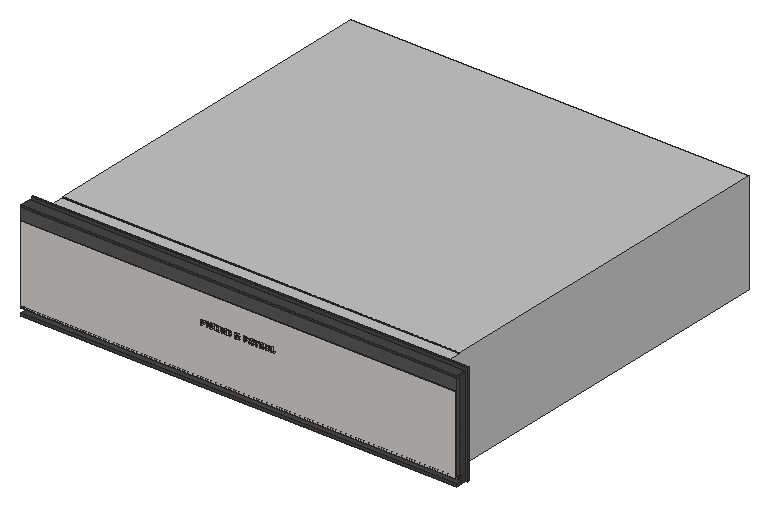
Revit family "FP_Revit_18_WB60SDEX2_Warming_Drawer_90001841", category Specialty Equipment, Revit 2018
Family settings
  Round Connector Dimension = Use Diameter
  Part Type = Normal
  OmniClass Number = 23.40.40.00
  OmniClass Title = Food Service Equipment and Furnishings
  Work Plane-Based = No
  Always vertical = Yes
  Cut with Voids When Loaded = Yes
  Shared = No
  Room Calculation Point = No
Parameters (values of type "WB60SDEX2")
  Visibility - Clearance Required = yes
  URL = "www.fisherpaykel.com"
  Product - Width = 596 mm  # constant formula
  Product - Height = 140 mm  # constant formula
  Product - Depth = 567 mm  # constant formula
  Model = "WB60SDEX2"
  Material - Trim = Fisher & Paykel - Black
  Material - Structure = Fisher & Paykel - Black
  Material - Glass = Fisher & Paykel - Glass, Black
  Material - Door Front = Fisher & Paykel - Stainless Steel
  Material - Body = Fisher & Paykel - Grey
  Manufacturer = "Fisher & Paykel Appliances"
  FFL Offset [instance] = 740 mm
  Description = "60cm Warming Drawer"
  Connector Description - Electrical = "220-240 V, 50/60 Hz, 10 A"
  Chassis - Width = 543 mm  # constant formula
  Chassis - Height = 140 mm  # constant formula
  Chassis - Depth = 547 mm  # constant formula
  Cavity - Width = 560 mm  # constant formula
  Cavity - Height = 142 mm  # constant formula
  Cavity - Depth = 550 mm  # constant formula
Reference planes
  plane 1 "Center (Front/Back)": y = 0
  plane 2: z = 0
  plane 3 "Center (Left/Right)": x = 0
  plane 4 "Cavity - Height": z = 882
  plane 5 "Product LHS": x = -298
  plane 6 "Product RHS": x = 298
  plane 7 "Cavity LHS": x = -300
  plane 8 "Cavity RHS": x = 300
  plane 9 "Cavity - Depth": y = 550
  plane 10 "Front Face": y = -21.6
  plane 11 "Chassis - Height": z = 880
  plane 12 "FFL Offset": z = 740
  plane 13 "Product - Depth": y = 547
Forms (mm)
  Extrusion 1, solid, material "Fisher & Paykel - Grey" <- "Material - Body"
    sketch origin (0, 0, 0) x (0, 1, 0) y (0, 0, 1)
      loop
        line (18, 880) -> (18, 879) -> (0, 879) -> (0, 740) -> (511, 740) -> (511, 880) -> (18, 880)
    from -271.5 to 271.5
  Extrusion 2, solid, material "Fisher & Paykel - Black" <- "Material - Structure", detail levels fine
    sketch origin (0, 0, 0) x (0, 1, 0) y (0, 0, 1)
      loop
        line (-6, 875) -> (-15.9, 875) -> (-15.9, 751.6) -> (-6, 751.6) -> (-6, 875)
    from -298 to 298
  Extrusion 3, solid, material "Fisher & Paykel - Black" <- "Material - Structure", detail levels fine
    sketch origin (0, 0, 0) x (0, 1, 0) y (0, 0, 1)
      loop
        line (-2, 880) -> (-2, 740) -> (0, 740) -> (0, 880) -> (-2, 880)
    from -298 to 298
  Extrusion 4, solid, material "Fisher & Paykel - Black" <- "Material - Trim", detail levels fine
    sketch origin (0, 0, 0) x (0, 1, 0) y (0, 0, 1)
      loop
        line (-14.6, 748.6) -> (-11, 748.6) -> (-11, 745) -> (-19.9, 745) -> (-19.9, 742) -> (-6, 742) -> (-6, 751.6) -> (-18.226, 751.6) -> (-14.6, 748.6)
    from -298 to 298
  Extrusion 5, solid, material "Fisher & Paykel - Grey" <- "Material - Body"
    sketch origin (0, 0, 0) x (1, 0, 0) y (0, 0, 1)
      loop
        line (202, 848) -> (177, 848) -> (177, 829) -> (202, 829) -> (202, 848)
    from -547 to -511
  Extrusion 6, solid, material "Fisher & Paykel - Grey" <- "Material - Body", detail levels fine
    sketch origin (0, 0, 0) x (0, 1, 0) y (0, 0, 1)
      loop
        circle (536.996, 838.517) r 8
    from 137 to 177
  Extrusion 7, solid, material "Fisher & Paykel - Stainless Steel" <- "Material - Door Front", detail levels fine
    sketch origin (0, 0, 0) x (1, 0, 0) y (0, 0, 1)
      loop
        line (-298, 858.6) -> (-298, 751.6) -> (298, 751.6) -> (298, 858.6) -> (-298, 858.6)
    from 19.9 to 21.6
  Extrusion 8, solid, material "Fisher & Paykel - Clearance Required", visible <- "Visibility - Clearance Required", detail levels coarse
    sketch origin (0, 0, 0) x (1, 0, 0) y (0, 1, 0)
      loop
        line (-280, 0) -> (280, 0) -> (280, 550) -> (-280, 550) -> (-280, 0)
    from 740 to 882
  Extrusion 9, solid, material "Fisher & Paykel - Clearance Required", visible <- "Visibility - Clearance Required", detail levels coarse
    sketch origin (0, 41, 0) x (0, 1, 0) y (0, 0, 1)
      loop
        line (-476.6, 740) -> (-41, 740) -> (-41, 882) -> (-476.6, 882) -> (-476.6, 740)
    from -300 to 300
  Extrusion 10, solid, material "Fisher & Paykel - Stainless Steel" <- "Material - Door Front", detail levels coarse+medium
    sketch origin (0, 0, 0) x (0, 1, 0) y (0, 0, 1)
      loop
        line (-21.6, 878) -> (-21.6, 740) -> (0, 740) -> (0, 878) -> (-21.6, 878)
    from -298 to 298
  Extrusion 11, solid, material "Fisher & Paykel - Black" <- "Material - Structure", detail levels fine
    sketch origin (0, 0, 0) x (0, 1, 0) y (0, 0, 1)
      loop
        line (-2, 745) -> (-2, 859) -> (-6, 859) -> (-6, 745) -> (-2, 745)
    from -258.5 to 258.5
  Extrusion 12, solid, material "Fisher & Paykel - Black" <- "Material - Trim", detail levels fine
    sketch origin (0, 0, 0) x (0, 1, 0) y (0, 0, 1)
      loop
        line (-6, 878) -> (-20.4, 878) -> (-20.4, 875) -> (-6, 875) -> (-6, 878)
    from -298 to 298
  Extrusion 13, solid, material "Fisher & Paykel - Glass, Black" <- "Material - Glass", detail levels fine
    sketch origin (0, 0, 0) x (1, 0, 0) y (0, 0, 1)
      loop
        arc (-296, 875) -> (-297.414, 874.414) -> (-298, 873) r 2
        line (-298, 873) -> (-298, 753.6)
        arc (-298, 753.6) -> (-297.414, 752.186) -> (-296, 751.6) r 2
        line (-296, 751.6) -> (296, 751.6)
        arc (296, 751.6) -> (297.414, 752.186) -> (298, 753.6) r 2
        line (298, 753.6) -> (298, 873)
        arc (298, 873) -> (297.414, 874.414) -> (296, 875) r 2
        line (296, 875) -> (-296, 875)
    from 15.9 to 19.9
  Extrusion 14, void
    sketch origin (0, 0, 0) x (1, 0, 0) y (0, 1, 0)
      loop
        line (-280, 0) -> (280, 0) -> (280, 550) -> (-280, 550) -> (-280, 0)
    from 740 to 882
  Extrusion 15, void
    sketch origin (0, 0, 0) x (0, 1, 0) y (0, 0, 1)
      loop
        line (-21.6, 740) -> (0, 740) -> (0, 882) -> (-21.6, 882) -> (-21.6, 740)
    from -300 to 300
Text (mm)
  text "Due to ongoing product development, product details are subject to change without notice. \nPlease always refer to www.fisherpaykel.com for the most current product information. \n© Fisher & Paykel 2020" at (41.04, -543.295, 0), in view "Ref. Level (Plan)"
Dimensions and locks
  equal spacing: plane 5 "Product LHS", plane 3 "Center (Left/Right)", plane 6 "Product RHS"
  "Product - Width": plane 5 "Product LHS" to plane 6 "Product RHS"
  equal spacing: plane 7 "Cavity LHS", plane 3 "Center (Left/Right)", plane 8 "Cavity RHS"
  "Cavity - Depth": plane 9 "Cavity - Depth" to plane 1 "Center (Front/Back)"
  equal spacing: Extrusion 1, plane 3 "Center (Left/Right)", Extrusion 1
  equal spacing: Extrusion 8, plane 3 "Center (Left/Right)", Extrusion 8
  "Cavity - Width": Extrusion 8 to Extrusion 8
  "FFL Offset": plane 12 "FFL Offset" to level
  Extrusion 4 to plane 12 "FFL Offset" = 11.6 mm
  locked: Extrusion 10 to plane 11 "Chassis - Height" at 2
  locked: plane 7 "Cavity LHS" to plane 8 "Cavity RHS" at 600
  locked: nested 1 to plane 12 "FFL Offset" at 79
  "Product - Height": plane 11 "Chassis - Height" to plane 12 "FFL Offset"
  "Cavity - Height": plane 4 "Cavity - Height" to plane 12 "FFL Offset"
  locked: plane 1 "Center (Front/Back)" to plane 10 "Front Face" at 21.6
  "Chassis - Depth": plane 1 "Center (Front/Back)" to plane 13 "Product - Depth"
  plane 10 "Front Face" to plane 13 "Product - Depth" = 568.6 mm
  "Chassis - Width": Extrusion 1 to Extrusion 1
  locked: plane 12 "FFL Offset" to Extrusion 4 at 11.6
  plane 10 "Front Face" to Extrusion 9 = 414 mm
  aligned and locked: level to plane 2
  aligned and locked: Extrusion 10 to Extrusion 3
  aligned and locked: Extrusion 9 to Extrusion 3
  aligned and locked: Extrusion 1 to plane 11 "Chassis - Height"
  aligned and locked: plane 4 "Cavity - Height" to Extrusion 8
  aligned and locked: Extrusion 3 to plane 11 "Chassis - Height"
  aligned and locked: Extrusion 13 sketch curve to plane 5 "Product LHS"
  aligned and locked: plane 6 "Product RHS" to Extrusion 13 sketch curve
  aligned and locked: Extrusion 1 to plane 12 "FFL Offset"
  aligned and locked: Extrusion 12 to plane 6 "Product RHS"
  aligned and locked: plane 5 "Product LHS" to Extrusion 12
  aligned and locked: Extrusion 5 to Extrusion 1
  aligned and locked: Extrusion 13 to Extrusion 2
  aligned and locked: Extrusion 4 to Extrusion 2
  aligned and locked: Extrusion 11 to Extrusion 3
  aligned and locked: Extrusion 11 to Extrusion 2
  aligned and locked: Extrusion 9 sketch curve to plane 4 "Cavity - Height"
  aligned and locked: Extrusion 2 sketch curve to Extrusion 4
  aligned and locked: Extrusion 8 to plane 12 "FFL Offset"
  aligned and locked: Extrusion 7 to Extrusion 2
  aligned and locked: plane 4 "Cavity - Height" to Extrusion 14
  aligned and locked: Extrusion 14 to plane 12 "FFL Offset"
  aligned and locked: Extrusion 5 to plane 13 "Product - Depth"
  aligned and locked: Extrusion 14 to Extrusion 8  (x2)
  aligned and locked: Extrusion 9 to plane 1 "Center (Front/Back)"
Automatic sketch dimensions
  Extrusion 1 sketch curve to plane 1 "Center (Front/Back)" = 0 mm
  plane 11 "Chassis - Height" to Extrusion 1 sketch curve = 0 mm
  Extrusion 1 sketch curve to plane 12 "FFL Offset" = 0 mm
  plane 11 "Chassis - Height" to Extrusion 1 sketch curve = 1 mm
  Extrusion 1 sketch curve to plane 1 "Center (Front/Back)" = 18 mm
  plane 13 "Product - Depth" to Extrusion 1 sketch curve = 36 mm
  plane 10 "Front Face" to Extrusion 2 sketch curve = 5.7 mm
  plane 1 "Center (Front/Back)" to Extrusion 2 sketch curve = 6 mm
  plane 11 "Chassis - Height" to Extrusion 2 sketch curve = 5 mm
  Extrusion 3 sketch curve to plane 12 "FFL Offset" = 0 mm
  plane 11 "Chassis - Height" to Extrusion 3 sketch curve = 0 mm
  Extrusion 3 sketch curve to plane 1 "Center (Front/Back)" = 0 mm
  plane 1 "Center (Front/Back)" to Extrusion 3 sketch curve = 2 mm
  plane 10 "Front Face" to Extrusion 4 sketch curve = 1.7 mm
  plane 10 "Front Face" to Extrusion 4 sketch curve = 3.374 mm
  Extrusion 4 sketch curve to Extrusion 4 sketch curve = 3.626 mm
  Extrusion 4 sketch curve to Extrusion 4 sketch curve = 3.6 mm  (x2)
  plane 12 "FFL Offset" to Extrusion 4 sketch curve = 2 mm
  Extrusion 4 sketch curve to Extrusion 4 sketch curve = 5 mm
  plane 12 "FFL Offset" to Extrusion 4 sketch curve = 5 mm
  Extrusion 4 sketch curve to Extrusion 4 sketch curve = 3 mm
  plane 11 "Chassis - Height" to Extrusion 5 sketch curve = 32 mm
  plane 6 "Product RHS" to Extrusion 5 sketch curve = 121 mm
  Extrusion 5 sketch curve to Extrusion 5 sketch curve = 25 mm
  Extrusion 5 sketch curve to Extrusion 5 sketch curve = 19 mm
  plane 13 "Product - Depth" to Extrusion 6 sketch curve = 10.004 mm
  plane 11 "Chassis - Height" to Extrusion 6 sketch curve = 41.483 mm
  plane 5 "Product LHS" to Extrusion 7 sketch curve = 0 mm
  plane 6 "Product RHS" to Extrusion 7 sketch curve = 0 mm
  plane 12 "FFL Offset" to Extrusion 7 sketch curve = 11.6 mm
  plane 11 "Chassis - Height" to Extrusion 7 sketch curve = 21.4 mm
  Extrusion 8 sketch curve to plane 9 "Cavity - Depth" = 0 mm
  plane 1 "Center (Front/Back)" to Extrusion 8 sketch curve = 0 mm
  Extrusion 8 sketch curve to plane 5 "Product LHS" = 18 mm
  plane 6 "Product RHS" to Extrusion 8 sketch curve = 18 mm
  Extrusion 9 sketch curve to plane 12 "FFL Offset" = 0 mm
  Extrusion 9 sketch curve to plane 1 "Center (Front/Back)" = 0 mm
  Extrusion 9 sketch curve to plane 10 "Front Face" = 414 mm
  Extrusion 10 sketch curve to plane 10 "Front Face" = 0 mm
  Extrusion 10 sketch curve to plane 1 "Center (Front/Back)" = 0 mm
  Extrusion 10 sketch curve to plane 12 "FFL Offset" = 0 mm
  plane 11 "Chassis - Height" to Extrusion 10 sketch curve = 2 mm
  plane 1 "Center (Front/Back)" to Extrusion 11 sketch curve = 6 mm
  plane 1 "Center (Front/Back)" to Extrusion 11 sketch curve = 2 mm
  plane 12 "FFL Offset" to Extrusion 11 sketch curve = 5 mm
  plane 11 "Chassis - Height" to Extrusion 11 sketch curve = 21 mm
  plane 10 "Front Face" to Extrusion 12 sketch curve = 1.2 mm
  plane 1 "Center (Front/Back)" to Extrusion 12 sketch curve = 6 mm
  plane 11 "Chassis - Height" to Extrusion 12 sketch curve = 5 mm
  plane 11 "Chassis - Height" to Extrusion 12 sketch curve = 2 mm
  Extrusion 13 sketch curve to plane 5 "Product LHS" = 2 mm  (x2)
  plane 6 "Product RHS" to Extrusion 13 sketch curve = 2 mm  (x2)
  plane 12 "FFL Offset" to Extrusion 13 sketch curve = 11.6 mm
  plane 11 "Chassis - Height" to Extrusion 13 sketch curve = 7 mm
  Extrusion 14 sketch curve to plane 9 "Cavity - Depth" = 0 mm
  plane 1 "Center (Front/Back)" to Extrusion 14 sketch curve = 0 mm
  Extrusion 14 sketch curve to plane 5 "Product LHS" = 18 mm
  plane 6 "Product RHS" to Extrusion 14 sketch curve = 18 mm
  Extrusion 15 sketch curve to plane 4 "Cavity - Height" = 0 mm
  Extrusion 15 sketch curve to plane 12 "FFL Offset" = 0 mm
  Extrusion 15 sketch curve to plane 1 "Center (Front/Back)" = 0 mm
  Extrusion 15 sketch curve to plane 10 "Front Face" = 0 mm
  radius of Extrusion 6 sketch curve = 8 mm
Nested families
  nested 1: "F&P Logo 100mm" at (0, -21.6, 819.109), type "Grey"
Connectors
  electrical at (137, 536.996, 838.517), driven by "Connector Description - Electrical"
    settings: on Extrusion 6, index 1, voltage 230 V, apparent load 0 VA, apparent load phase1 0 VA, apparent load phase2 0 VA, apparent load phase3 0 VA, power factor 1, load classification "Other", number of poles 1, system type 30, power factor state 1, is connector primary yes, connector utility no, sub classification motor no, connector description "220-240 V, 50/60 Hz, 10 A"
Definition of nested family "F&P Logo 100mm"
  Parameters (values of type "Grey")
    URL = "www.fisherpaykel.com"
    Material - Logo = none
    Manufacturer = "Fisher & Paykel Appliances"
  Types (2): name
    Chrome
    Grey
  Reference planes
    plane 1 "Center (Front/Back)": y = 0
    plane 2: z = 0
    plane 3 "Center (Left/Right)": x = 0
  Forms (mm)
    Extrusion 1, solid, material <- "Material - Logo", detail levels fine
      sketch origin (0, 0, 0) x (1, 0, 0) y (0, 0, 1)
        loop
          line (-50.044, 0) -> (-48.47, 0) -> (-48.47, 2.138) -> (-46.011, 2.138) -> (-46.011, 3.472) -> (-48.47, 3.472) -> (-48.47, 4.712) -> (-45.795, 4.712) -> (-45.795, 6.04) -> (-50.044, 6.04) -> (-50.044, 0)
        loop
          line (-42.804, 6.04) -> (-42.804, 0) -> (-41.23, 0) -> (-41.23, 6.04) -> (-42.804, 6.04)
        loop
          line (-30.724, 6.04) -> (-30.724, 0) -> (-29.151, 0) -> (-29.151, 2.42) -> (-26.839, 2.42) -> (-26.839, 0) -> (-25.265, 0) -> (-25.265, 6.04) -> (-26.839, 6.04) -> (-26.839, 3.748) -> (-29.151, 3.748) -> (-29.151, 6.04) -> (-30.724, 6.04)
        loop
          line (-21.906, 6.04) -> (-21.906, 0) -> (-17.602, 0) -> (-17.602, 1.328) -> (-20.347, 1.328) -> (-20.347, 2.42) -> (-17.838, 2.42) -> (-17.838, 3.748) -> (-20.347, 3.748) -> (-20.347, 4.712) -> (-17.602, 4.712) -> (-17.602, 6.04) -> (-21.906, 6.04)
        loop
          line (45.667, 6.04) -> (45.667, 0) -> (49.956, 0) -> (49.956, 1.328) -> (47.241, 1.328) -> (47.241, 6.04) -> (45.667, 6.04)
        loop
          line (42.431, 6.04) -> (38.112, 6.04) -> (38.112, 0) -> (42.431, 0) -> (42.431, 1.328) -> (39.687, 1.328) -> (39.687, 2.42) -> (42.195, 2.42) -> (42.195, 3.748) -> (39.687, 3.748) -> (39.687, 4.712) -> (42.431, 4.712) -> (42.431, 6.04)
        loop
          line (33.451, 3.148) -> (35.683, 6.04) -> (33.844, 6.04) -> (31.915, 3.542) -> (31.915, 6.04) -> (30.342, 6.04) -> (30.342, 0) -> (31.915, 0) -> (31.915, 2.705) -> (33.903, 0) -> (35.763, 0) -> (33.451, 3.148)
        loop
          line (21.98, 6.04) -> (24.262, 2.42) -> (24.262, 0) -> (25.837, 0) -> (25.837, 2.341) -> (28.119, 6.04) -> (26.446, 6.04) -> (25.099, 3.707) -> (23.753, 6.04) -> (21.98, 6.04)
        loop
          line (18.479, 6.04) -> (16.983, 6.04) -> (14.524, 0) -> (16.069, 0) -> (16.501, 1.112) -> (18.921, 1.112) -> (19.354, 0) -> (20.938, 0) -> (18.479, 6.04)
        loop
          line (18.4, 2.439) -> (17.693, 4.174) -> (17.018, 2.439) -> (18.4, 2.439)
        loop
          line (8.031, 6.04) -> (8.031, 0) -> (9.605, 0) -> (9.605, 1.938) -> (10.599, 1.938)
          arc (10.599, 1.938) -> (12.65, 3.989) -> (10.599, 6.04) r 2.051
          line (10.599, 6.04) -> (8.031, 6.04)
        loop
          line (9.605, 4.712) -> (9.605, 3.197) -> (10.501, 3.197)
          arc (10.501, 3.197) -> (11.259, 3.954) -> (10.501, 4.712) r 0.757
          line (10.501, 4.712) -> (9.605, 4.712)
        loop
          line (-11.783, 6.04) -> (-14.366, 6.04) -> (-14.366, 0) -> (-12.792, 0) -> (-12.792, 1.336) -> (-11.992, 1.336) -> (-10.972, 0) -> (-9.153, 0) -> (-10.694, 1.973)
          arc (-10.694, 1.973) -> (-9.678, 4.424) -> (-11.783, 6.04) r 2.179
        loop
          line (-11.897, 4.712) -> (-12.792, 4.712) -> (-12.792, 3.053) -> (-11.897, 3.053)
          arc (-11.897, 3.053) -> (-11.068, 3.882) -> (-11.897, 4.712) r 0.83
        loop
          line (0.477, 4.712) -> (0.477, 6.153) -> (-3.575, 6.153) -> (-3.575, 4.851) -> (-2.974, 4.112)
          arc (-2.974, 4.112) -> (-3.51, 0.684) -> (-0.045, 0.512) r 2.334
          line (-0.045, 0.512) -> (0.46, -0.109) -> (2.246, -0.109) -> (0.86, 1.594) -> (2.061, 3.324) -> (0.443, 3.324) -> (-0.013, 2.667) -> (-1.677, 4.712) -> (0.477, 4.712)
        loop
          arc (-2.125, 3.068) -> (-2.269, 1.668) -> (-0.868, 1.524) r 0.996
          line (-0.868, 1.524) -> (-2.125, 3.068)
        loop
          line (-35.18, 3.634) -> (-36.516, 3.91)
          arc (-36.516, 3.91) -> (-37.049, 4.443) -> (-36.516, 4.976) r 0.533
          arc (-36.516, 4.976) -> (-35.235, 4.79) -> (-34.059, 4.248) r 4.505
          line (-34.059, 4.248) -> (-34.059, 5.743)
          arc (-34.059, 5.743) -> (-35.549, 6.179) -> (-37.1, 6.109) r 4.726
          arc (-37.1, 6.109) -> (-38.536, 4.335) -> (-37.1, 2.561) r 1.814
          line (-37.1, 2.561) -> (-35.754, 2.282)
          arc (-35.754, 2.282) -> (-35.221, 1.749) -> (-35.754, 1.216) r 0.533
          arc (-35.754, 1.216) -> (-37.035, 1.402) -> (-38.211, 1.945) r 4.505
          line (-38.211, 1.945) -> (-38.211, 0.449)
          arc (-38.211, 0.449) -> (-36.72, 0.013) -> (-35.169, 0.083) r 4.726
          arc (-35.169, 0.083) -> (-33.734, 1.863) -> (-35.18, 3.634) r 1.814
      from 0 to 0.8
  Dimensions and locks
    aligned and locked: level to plane 2
